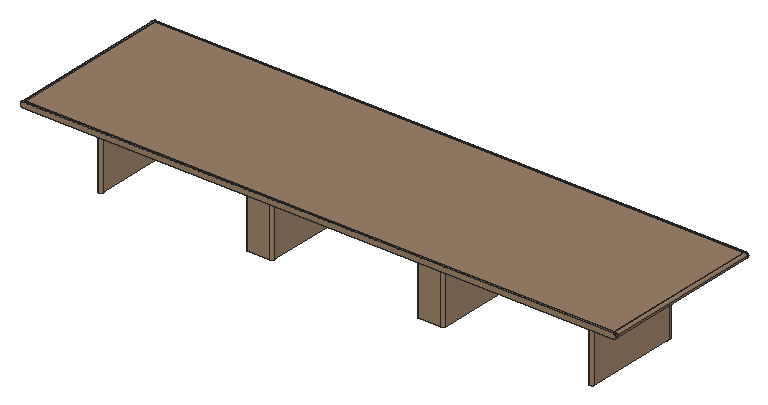
Revit family "Table-Teknion-CFTBFG_Figure_Table_Rectangular_Gable_Leg_Bullnose_Flat_Edge-R2023", category Furniture, Revit 2023 (continued)
Automatic sketch dimensions
  curve 446 to curve 447 = 0.000"
  curve 418 to curve 294 = 0.000"
  curve 412 to curve 418 = 0.000"
  curve 414 to curve 292 = 0.000"
  curve 414 to curve 415 = 0.000"
  curve 417 to curve 418 = 0.000"
  curve 415 to curve 416 = 0.000"
  curve 409 to curve 292 = 0.000"
  curve 300 to curve 443 = 0.14636"
  curve 409 to curve 433 = 0.26447"
  curve 308 to curve 308 = 0.500"
  curve 313 to curve 312 = 0.500"
  curve 433 to curve 440 = 0.43074"
  curve 443 to curve 442 = 0.43074"
  curve 442 to curve 437 = 0.7792"
  curve 440 to curve 439 = 0.7792"
  curve 439 to curve 438 = 0.43074"
  curve 437 to curve 445 = 0.43074"
  plane 17 to curve 316 = 0.500"
  plane 17 to curve 306 = 0.500"
  curve 422 to plane 14 = 1.90516"
  curve 429 to plane 14 = 1.90516"
  curve 315 to curve 314 = 0.500"
  curve 310 to curve 310 = 0.500"
  curve 429 to curve 444 = 0.43074"
  curve 422 to curve 423 = 0.43074"
  curve 424 to plane 14 = 0.69521"
  curve 427 to plane 14 = 0.69521"
  curve 441 to plane 14 = 0.26447"
  curve 426 to plane 14 = 0.26447"
  curve 128 to plane 4 "Left" = 0.000"
  curve 130 to plane 4 "Left" = 0.000"
  curve 128 to plane 5 "Right" = 0.000"
  curve 130 to plane 5 "Right" = 0.000"
  curve 148 to curve 143 = 0.250"
  curve 347 to curve 354 = 0.750"
  curve 247 to curve 254 = 0.750"
  curve 254 to curve 249 = 0.250"
  curve 254 to curve 247 = 0.250"
  curve 354 to curve 350 = 0.250"
  curve 354 to curve 347 = 0.250"
  curve 249 to curve 282 = 0.354"  (x2)
  curve 347 to curve 384 = 0.354"  (x2)
  curve 349 to curve 383 = 0.354"  (x2)
  curve 247 to curve 285 = 0.354"  (x2)
  curve 258 to curve 275 = 0.500"
  curve 277 to curve 274 = 0.500"
  curve 377 to curve 379 = 0.500"
  curve 377 to curve 378 = 0.500"
  curve 374 to curve 367 = 0.500"
  curve 275 to curve 259 = 0.500"
  curve 274 to curve 276 = 0.500"
  curve 365 to curve 381 = 0.500"
  curve 389 to curve 355 = 0.604"
  curve 387 to curve 356 = 0.604"
  curve 286 to curve 256 = 0.604"
  curve 288 to curve 255 = 0.604"
  curve 346 to curve 356 = 0.250"
  curve 253 to curve 256 = 0.250"
  curve 251 to curve 255 = 0.250"
  curve 350 to curve 355 = 0.250"
  curve 251 to curve 288 = 0.35355"
  curve 249 to curve 283 = 0.35355"
  curve 286 to curve 253 = 0.35355"
  curve 284 to curve 247 = 0.35355"
  curve 351 to curve 388 = 0.35355"
  curve 349 to curve 383 = 0.35355"
  curve 384 to curve 347 = 0.35355"
  curve 387 to curve 353 = 0.35355"
  curve 184 to curve 184 = 0.000"
  curve 143 to curve 183 = 0.354"
  curve 182 to curve 182 = 0.000"
  curve 141 to curve 184 = 0.354"
  curve 384 to curve 384 = 0.000"
  curve 382 to curve 383 = 0.000"
  curve 285 to curve 284 = 0.000"
  curve 282 to curve 283 = 0.000"
  curve 269 to curve 261 = 0.35425"
  curve 273 to curve 264 = 0.35425"
  curve 373 to curve 364 = 0.35425"
  curve 369 to curve 361 = 0.35425"
  curve 11 to curve 21 = 0.000"
  curve 19 to curve 77 = 0.000"
  curve 26 to curve 8 = 0.000"
  curve 82 to curve 16 = 0.000"
  curve 54 to curve 12 = 0.000"
  curve 15 to curve 49 = 0.000"
  curve 18 to curve 98 = 0.29867"
  curve 14 to curve 70 = 0.29867"
  curve 17 to curve 86 = 0.29867"
  curve 9 to curve 30 = 0.29867"
  curve 13 to curve 58 = 0.29867"
  curve 10 to curve 45 = 0.29867"
  curve 72 to curve 14 = 0.29867"
  curve 84 to curve 17 = 0.29867"
  curve 100 to curve 18 = 0.29867"
  curve 47 to curve 10 = 0.29867"
  curve 28 to curve 9 = 0.29867"
  curve 56 to curve 13 = 0.29867"
  curve 11 to curve 22 = 0.000"
  curve 19 to curve 78 = 0.000"
  curve 53 to curve 12 = 0.000"
  curve 25 to curve 8 = 0.000"
  curve 15 to curve 50 = 0.000"
  curve 81 to curve 16 = 0.000"
  curve 360 to curve 370 = 0.35425"
  curve 260 to curve 270 = 0.35425"
  curve 265 to curve 272 = 0.35425"
  curve 365 to curve 372 = 0.35425"
  curve 188 to curve 188 = 0.000"
  curve 389 to curve 351 = 0.354"
  curve 388 to curve 388 = 0.000"
  curve 187 to curve 147 = 0.354"
  curve 187 to curve 186 = 0.000"
  curve 188 to curve 145 = 0.354"
  curve 387 to curve 353 = 0.354"
  curve 387 to curve 386 = 0.000"
  curve 286 to curve 253 = 0.354"
  curve 286 to curve 286 = 0.000"
  curve 288 to curve 288 = 0.000"
  curve 288 to curve 251 = 0.354"
  curve 28 to curve 9 = 0.11171"
  curve 10 to curve 47 = 0.11171"
  curve 289 to curve 251 = 0.14645"
  curve 282 to curve 249 = 0.14645"
  curve 286 to curve 286 = 0.500"
  curve 285 to curve 284 = 0.500"
  curve 174 to curve 163 = 0.000"
  curve 175 to curve 157 = 0.000"
  curve 176 to curve 158 = 0.000"
  curve 175 to curve 176 = 0.000"
  curve 174 to curve 179 = 0.000"
  curve 383 to curve 349 = 0.14645"
  curve 389 to curve 351 = 0.14645"
  curve 385 to curve 384 = 0.500"
  curve 387 to curve 386 = 0.500"
Nested families (in)
  nested 1: "Hexa Panel" at (0, 0, 0), Panel Width <- "Panel Width", visible <- "Hexa Panel 1", Base Finish <- "Base Finish", Glide Finish <- "Glide Finish", type "Hexa Panel"
    with To render please download texture images found here "https://assets.teknion.com/web/5e81352c1dfdb467/revit-material-swatches/", Panel Width 36.000", How To Use Teknion Materials User Guide "https://assets.teknion.com/m/205dd0a49fa58060/original/How-to-add-a-Material-Library-and-Texture-Images-to-your-Revit-project.pdf", Glide Finish Paint - Teknion - Foundation - Sand, For Additional Finishes please visit "https://assets.teknion.com/m/44a8009b046e5d47/original/Teknion_Materials_Library.zip", Base Finish Veneer-Teknion-LX-Natural_Veneer_V3-Sierra_Flat_Cut
  nested 2: "12 Inch Standard Recessed Access Door" at (-1284, 150, -0.06), Finish <- "Power Cover Finish", visible <- "Power - 2 & 3", type "12 Inch Compact Recessed Access Door"
    with To render please download texture images found here "https://assets.teknion.com/web/5e81352c1dfdb467/revit-material-swatches/", How To Use Teknion Materials User Guide "https://assets.teknion.com/m/205dd0a49fa58060/original/How-to-add-a-Material-Library-and-Texture-Images-to-your-Revit-project.pdf", For Additional Finishes please visit "https://assets.teknion.com/m/44a8009b046e5d47/original/Teknion_Materials_Library.zip", Finish Paint - Teknion - Foundation - Sand
  nested 3: "12 Inch Standard Recessed Access Door" at (-1416, 150, -0.06), Finish <- "Power Cover Finish", visible <- "Power - 2 & 3", type "12 Inch Compact Recessed Access Door"
    with To render please download texture images found here "https://assets.teknion.com/web/5e81352c1dfdb467/revit-material-swatches/", How To Use Teknion Materials User Guide "https://assets.teknion.com/m/205dd0a49fa58060/original/How-to-add-a-Material-Library-and-Texture-Images-to-your-Revit-project.pdf", For Additional Finishes please visit "https://assets.teknion.com/m/44a8009b046e5d47/original/Teknion_Materials_Library.zip", Finish Paint - Teknion - Foundation - Sand
  nested 4: "12 Inch Standard Recessed Access Door" at (-1350, 150, -0.06), Finish <- "Power Cover Finish", visible <- "Power - 1 & 3", type "12 Inch Compact Recessed Access Door"
    with To render please download texture images found here "https://assets.teknion.com/web/5e81352c1dfdb467/revit-material-swatches/", How To Use Teknion Materials User Guide "https://assets.teknion.com/m/205dd0a49fa58060/original/How-to-add-a-Material-Library-and-Texture-Images-to-your-Revit-project.pdf", For Additional Finishes please visit "https://assets.teknion.com/m/44a8009b046e5d47/original/Teknion_Materials_Library.zip", Finish Paint - Teknion - Foundation - Sand
  nested 5: "Softened Panel" at (0, 0, 0), Panel Width <- "Panel Width", visible <- "Softened Panel 1", Base Finish <- "Base Finish", Glide Finish <- "Glide Finish", type "Softened Panel"
    with To render please download texture images found here "https://assets.teknion.com/web/5e81352c1dfdb467/revit-material-swatches/", Panel Width 36.000", How To Use Teknion Materials User Guide "https://assets.teknion.com/m/205dd0a49fa58060/original/How-to-add-a-Material-Library-and-Texture-Images-to-your-Revit-project.pdf", Glide Finish Paint - Teknion - Foundation - Sand, For Additional Finishes please visit "https://assets.teknion.com/m/44a8009b046e5d47/original/Teknion_Materials_Library.zip", Cut 3 0.300", Cut 2 0.300", Cut 1 15.000", Base Finish Veneer-Teknion-LX-Natural_Veneer_V3-Sierra_Flat_Cut, 2D - 36W yes, 2D - 30W no
  nested 6: "Teknion_2D_Node_Family-R2016" at (0, 0, 0), type "Teknion_2D_Node_Family-R2016"
  nested 7: "Gable Leg" at (89, 0, 0), Depth <- "Depth", Base Finish <- "Base Finish", Glide Finish <- "Glide Finish", type "Gable Leg"
    with To render please download texture images found here "https://assets.teknion.com/web/5e81352c1dfdb467/revit-material-swatches/", How To Use Teknion Materials User Guide "https://assets.teknion.com/m/205dd0a49fa58060/original/How-to-add-a-Material-Library-and-Texture-Images-to-your-Revit-project.pdf", Glide Finish Paint - Teknion - Foundation - Sand, Gable Leg - Depth 36.000", For Additional Finishes please visit "https://assets.teknion.com/m/44a8009b046e5d47/original/Teknion_Materials_Library.zip", Depth 60.000", Base Finish Veneer-Teknion-LX-Natural_Veneer_V3-Sierra_Flat_Cut
  nested 8: "Gable Leg" at (-89, 0, 0), Depth <- "Depth", Base Finish <- "Base Finish", Glide Finish <- "Glide Finish", type "Gable Leg"
    with To render please download texture images found here "https://assets.teknion.com/web/5e81352c1dfdb467/revit-material-swatches/", How To Use Teknion Materials User Guide "https://assets.teknion.com/m/205dd0a49fa58060/original/How-to-add-a-Material-Library-and-Texture-Images-to-your-Revit-project.pdf", Glide Finish Paint - Teknion - Foundation - Sand, Gable Leg - Depth 36.000", For Additional Finishes please visit "https://assets.teknion.com/m/44a8009b046e5d47/original/Teknion_Materials_Library.zip", Depth 60.000", Base Finish Veneer-Teknion-LX-Natural_Veneer_V3-Sierra_Flat_Cut
  nested 9: "Softened Panel" at (-31, 0, 0), Panel Width <- "Panel Width", visible <- "Softened Panel 2", Base Finish <- "Base Finish", Glide Finish <- "Glide Finish", type "Softened Panel"
    with To render please download texture images found here "https://assets.teknion.com/web/5e81352c1dfdb467/revit-material-swatches/", Panel Width 36.000", How To Use Teknion Materials User Guide "https://assets.teknion.com/m/205dd0a49fa58060/original/How-to-add-a-Material-Library-and-Texture-Images-to-your-Revit-project.pdf", Glide Finish Paint - Teknion - Foundation - Sand, For Additional Finishes please visit "https://assets.teknion.com/m/44a8009b046e5d47/original/Teknion_Materials_Library.zip", Cut 3 0.300", Cut 2 0.300", Cut 1 15.000", Base Finish Veneer-Teknion-LX-Natural_Veneer_V3-Sierra_Flat_Cut, 2D - 36W yes, 2D - 30W no
  nested 10: "Hexa Panel" at (31, 0, 0), Panel Width <- "Panel Width", Base Finish <- "Base Finish", Glide Finish <- "Glide Finish", visible <- "Hexa Panel 2", type "Hexa Panel"
    with To render please download texture images found here "https://assets.teknion.com/web/5e81352c1dfdb467/revit-material-swatches/", Panel Width 36.000", How To Use Teknion Materials User Guide "https://assets.teknion.com/m/205dd0a49fa58060/original/How-to-add-a-Material-Library-and-Texture-Images-to-your-Revit-project.pdf", Glide Finish Paint - Teknion - Foundation - Sand, For Additional Finishes please visit "https://assets.teknion.com/m/44a8009b046e5d47/original/Teknion_Materials_Library.zip", Base Finish Veneer-Teknion-LX-Natural_Veneer_V3-Sierra_Flat_Cut
  nested 11: "Hexa Panel" at (-31, 0, 0), Panel Width <- "Panel Width", Base Finish <- "Base Finish", Glide Finish <- "Glide Finish", visible <- "Hexa Panel 2", type "Hexa Panel"
    with To render please download texture images found here "https://assets.teknion.com/web/5e81352c1dfdb467/revit-material-swatches/", Panel Width 36.000", How To Use Teknion Materials User Guide "https://assets.teknion.com/m/205dd0a49fa58060/original/How-to-add-a-Material-Library-and-Texture-Images-to-your-Revit-project.pdf", Glide Finish Paint - Teknion - Foundation - Sand, For Additional Finishes please visit "https://assets.teknion.com/m/44a8009b046e5d47/original/Teknion_Materials_Library.zip", Base Finish Veneer-Teknion-LX-Natural_Veneer_V3-Sierra_Flat_Cut
  nested 12: "Softened Panel" at (31, 0, 0), Panel Width <- "Panel Width", visible <- "Softened Panel 2", Base Finish <- "Base Finish", Glide Finish <- "Glide Finish", type "Softened Panel"
    with To render please download texture images found here "https://assets.teknion.com/web/5e81352c1dfdb467/revit-material-swatches/", Panel Width 36.000", How To Use Teknion Materials User Guide "https://assets.teknion.com/m/205dd0a49fa58060/original/How-to-add-a-Material-Library-and-Texture-Images-to-your-Revit-project.pdf", Glide Finish Paint - Teknion - Foundation - Sand, For Additional Finishes please visit "https://assets.teknion.com/m/44a8009b046e5d47/original/Teknion_Materials_Library.zip", Cut 3 0.300", Cut 2 0.300", Cut 1 15.000", Base Finish Veneer-Teknion-LX-Natural_Veneer_V3-Sierra_Flat_Cut, 2D - 36W yes, 2D - 30W no
Definition of nested family "Hexa Panel"
  Parameters (values of type "Hexa Panel")
    Warranty = "http://www.teknion.com/ca/papers/legal-canada"
    Unit Weight URL = "http://www.teknion.com/ca/tools/assets#&asset=bee6a381-b954-425e-8283-5a2de3a804f2,f828d448-4b62-4231-9e5f-9a8991c0ed77"
    URL = "www.teknion.com"
    To render please download texture images found here [instance] = "https://assets.teknion.com/web/5e81352c1dfdb467/revit-material-swatches/"
    Sustainability Data = "https://www.teknion.com/ca/tools/assets#&topic=216f99a5-57a0-44fc-b10a-9dee9b29ae4c&asset=444deb64-fe58-4b68-981e-f75e97781df7,b4ff2d81-9f2e-437d-9659-7cffb09c31cf"
    Series = ""
    Product Page URL = ""
    Product Line = ""
    Product Documentation Link = ""
    Part Number = ""
    Panel Width [instance] = 36.000"
    Model = ""
    Manufacturer Phone = "416-661-3370"  # constant formula
    Manufacturer Fax = "416.661.4586"  # constant formula
    Manufacturer Contact Information = "http://www.teknion.com/ca/contactus"
    Manufacturer Address = "1150 Flint Road, Toronto, ON. M3J 2J5. Canada"  # constant formula
    Manufacturer = "Teknion"  # constant formula
    How To Use Teknion Materials User Guide [instance] = "https://assets.teknion.com/m/205dd0a49fa58060/original/How-to-add-a-Material-Library-and-Texture-Images-to-your-Revit-project.pdf"
    Glide Finish [instance] = none
    For Additional Finishes please visit [instance] = "https://assets.teknion.com/m/44a8009b046e5d47/original/Teknion_Materials_Library.zip"
    Description = "Hexa Panel"
    Default Elevation = 0.000"
    Base Finish [instance] = none
    Assembly Code = "E2020200"
  Reference planes (in)
    plane 1 "Center Front/Back": y = 0
    plane 2: z = 0
    plane 3 "Center Left/Right": x = 0
    plane 4 "Left": x = -5
    plane 5 "Right": x = 5
    plane 6 "Back": y = 18
    plane 7 "Front": y = -18
    plane 8 "Top": z = 26.75
    plane 9 "1": y = -15.5
    plane 10 "2": y = -7.06461
    plane 11 "4": y = 15.5
    plane 12 "3": y = 7.06461
    plane 13: z = 0.5
  Forms (in)
    Sweep 1, solid, material <- "Base Finish"
      path origin (0, 0, 0) x (1, 0, 0) y (0, 0, 1)
        loop
          line (0, 26.75) -> (0, 0.5)
      profile origin (0, 0, 13.625) x (0, -1, 0) y (1, 0, 0)
        loop
          line (-7.27625, 5) -> (-17.37404, 0.92741)
          arc (-17.37404, 0.92741) -> (-17.82887, 0.55945) -> (-18, 0) r 1
          arc (-18, 0) -> (-17.82887, -0.55945) -> (-17.37404, -0.92741) r 1
          line (-17.37404, -0.92741) -> (-7.27625, -5) -> (7.27625, -5) -> (17.37404, -0.92741)
          arc (17.37404, -0.92741) -> (17.82887, -0.55945) -> (18, 0) r 1
          arc (18, 0) -> (17.82887, 0.55945) -> (17.37404, 0.92741) r 1
          line (17.37404, 0.92741) -> (7.27625, 5) -> (-7.27625, 5)
    Sweep 2, void
      path origin (0, 0, 0) x (1, 0, 0) y (0, 0, 1)
        loop
          line (0, 26) -> (0, 1.25)
      profile origin (0, 0, 13.625) x (0, -1, 0) y (1, 0, 0)
        loop
          line (-7.25333, -4.88189) -> (7.25333, -4.88189) -> (17.13189, -0.89772) -> (17.13189, 0.89772) -> (7.25333, 4.88189) -> (-7.25333, 4.88189) -> (-17.13189, 0.89772) -> (-17.13189, -0.89772) -> (-7.25333, -4.88189)
    Sweep 3, void
      path origin (0, 0, 0) x (1, 0, 0) y (0, 0, 1)
        loop
          line (0, 28.75) -> (0, -2.25)
      profile origin (0, 0, 13.25) x (0, -1, 0) y (1, 0, 0)
        loop
          line (6.8652, -2.88189) -> (11.71124, -0.92741)
          arc (11.71124, -0.92741) -> (12.16607, -0.55945) -> (12.3372, 0) r 1
          arc (12.3372, 0) -> (12.16607, 0.55945) -> (11.71124, 0.92741) r 1
          line (11.71124, 0.92741) -> (6.8652, 2.88189) -> (-6.8652, 2.88189) -> (-11.71124, 0.92741)
          arc (-11.71124, 0.92741) -> (-12.16607, 0.55945) -> (-12.3372, 0) r 1
          arc (-12.3372, 0) -> (-12.16607, -0.55945) -> (-11.71124, -0.92741) r 1
          line (-11.71124, -0.92741) -> (-6.8652, -2.88189) -> (6.8652, -2.88189)
    Revolve 4, solid, material <- "Glide Finish"
      sketch origin (0, -15.5, 0) x (-1, 0, 0) y (0, 0, 1)
        loop
          line (0, 0.25) -> (0, 0) -> (0.5, 0) -> (0.5, 0.25) -> (0, 0.25)
        axis (0, 0.25) -> (0, 0)
      angle from 0 to 360
    Revolve 5, solid, material <- "Glide Finish"
      sketch origin (0, -7.06461, 0) x (-1, 0, 0) y (0, 0, 1)
        loop
          line (3.90943, 0.25) -> (3.90943, 0) -> (4.40943, 0) -> (4.40943, 0.25) -> (3.90943, 0.25)
        axis (3.90943, 0.25) -> (3.90943, 0)
      angle from 0 to 360
    Revolve 6, solid, material <- "Glide Finish"
      sketch origin (7.81887, -7.06461, 0) x (-1, 0, 0) y (0, 0, 1)
        loop
          line (3.90943, 0.25) -> (3.90943, 0) -> (4.40943, 0) -> (4.40943, 0.25) -> (3.90943, 0.25)
        axis (3.90943, 0.25) -> (3.90943, 0)
      angle from 0 to 360
    Revolve 7, solid, material <- "Glide Finish"
      sketch origin (0, 7.06461, 0) x (-1, 0, 0) y (0, 0, 1)
        loop
          line (3.90943, 0.25) -> (3.90943, 0) -> (4.40943, 0) -> (4.40943, 0.25) -> (3.90943, 0.25)
        axis (3.90943, 0.25) -> (3.90943, 0)
      angle from 0 to 360
    Revolve 8, solid, material <- "Glide Finish"
      sketch origin (0, 7.06461, 0) x (-1, 0, 0) y (0, 0, 1)
        loop
          line (-3.90943, 0.25) -> (-3.90943, 0) -> (-3.40943, 0) -> (-3.40943, 0.25) -> (-3.90943, 0.25)
        axis (-3.90943, 0.25) -> (-3.90943, 0)
      angle from 0 to 360
    Revolve 9, solid, material <- "Glide Finish"
      sketch origin (0, 15.5, 0) x (-1, 0, 0) y (0, 0, 1)
        loop
          line (0, 0.25) -> (0, 0) -> (0.5, 0) -> (0.5, 0.25) -> (0, 0.25)
        axis (0, 0.25) -> (0, 0)
      angle from 0 to 360
    Sweep 10, solid, material <- "Glide Finish"
      path origin (0, 0, 0) x (1, 0, 0) y (0, 0, 1)
        loop
          line (0, 0.5) -> (0, 0.25)
      profile origin (0, 0, 0.375) x (0, -1, 0) y (1, 0, 0)
        loop
          line (15.1875, -0.18042) -> (15.5, -0.36084) -> (15.8125, -0.18042) -> (15.8125, 0.18042) -> (15.5, 0.36084) -> (15.1875, 0.18042) -> (15.1875, -0.18042)
        loop
          line (6.75211, -4.08986) -> (7.06461, -4.27028) -> (7.37711, -4.08986) -> (7.37711, -3.72901) -> (7.06461, -3.54859) -> (6.75211, -3.72901) -> (6.75211, -4.08986)
        loop
          line (6.75211, 3.72901) -> (7.06461, 3.54859) -> (7.37711, 3.72901) -> (7.37711, 4.08986) -> (7.06461, 4.27028) -> (6.75211, 4.08986) -> (6.75211, 3.72901)
        loop
          line (-7.37711, 3.72901) -> (-7.06461, 3.54859) -> (-6.75211, 3.72901) -> (-6.75211, 4.08986) -> (-7.06461, 4.27028) -> (-7.37711, 4.08986) -> (-7.37711, 3.72901)
        loop
          line (-7.37711, -4.08986) -> (-7.06461, -4.27028) -> (-6.75211, -4.08986) -> (-6.75211, -3.72901) -> (-7.06461, -3.54859) -> (-7.37711, -3.72901) -> (-7.37711, -4.08986)
        loop
          line (-15.8125, -0.18042) -> (-15.5, -0.36084) -> (-15.1875, -0.18042) -> (-15.1875, 0.18042) -> (-15.5, 0.36084) -> (-15.8125, 0.18042) -> (-15.8125, -0.18042)
  Cuts and joins
    Sweep 2, Sweep 3 cuts Sweep 1
    joined: Revolve 4, Revolve 5, Revolve 6, Revolve 7, Revolve 8, Revolve 9, Sweep 10
  Lines and regions (in)
    symbolic lines, detail levels medium+fine
      curve 1: line (5, 7.27625, 0) -> (0.67495, 18, 0)
      curve 2: line (-0.67495, 18, 0) -> (-5, 7.27625, 0)
      curve 3: arc (0, 18, 0) -> (-0.55945, 17.82887, 0) -> (-0.92741, 17.37404, 0) r 1
      curve 4: arc (0.92741, 17.37404, 0) -> (0.55945, 17.82887, 0) -> (0, 18, 0) r 1
      curve 5: line (5, -7.27625, 0) -> (5, 7.27625, 0)
      curve 6: line (-5, 7.27625, 0) -> (-5, -7.27625, 0)
      curve 7: line (-5, -7.27625, 0) -> (-0.67495, -18, 0)
      curve 8: line (0.67495, -18, 0) -> (5, -7.27625, 0)
      curve 9: arc (0, -18, 0) -> (0.55945, -17.82887, 0) -> (0.92741, -17.37404, 0) r 1
      curve 10: arc (-0.92741, -17.37404, 0) -> (-0.55945, -17.82887, 0) -> (0, -18, 0) r 1
      curve 11: line (-0.89772, -17.13189, 0) -> (0.89772, -17.13189, 0)
      curve 12: line (-4.88189, -7.25333, 0) -> (-0.89772, -17.13189, 0)
      curve 13: line (0.89772, -17.13189, 0) -> (4.88189, -7.25333, 0)
      curve 14: line (-4.88189, 7.25333, 0) -> (-4.88189, -7.25333, 0)
      curve 15: line (4.88189, -7.25333, 0) -> (4.88189, 7.25333, 0)
      curve 16: line (0.89772, 17.13189, 0) -> (-0.89772, 17.13189, 0)
      curve 17: line (-0.89772, 17.13189, 0) -> (-4.88189, 7.25333, 0)
      curve 18: line (4.88189, 7.25333, 0) -> (0.89772, 17.13189, 0)
      curve 19: line (2.88189, -6.8652, 0) -> (2.88189, 6.8652, 0)
      curve 20: line (0.92741, -11.71124, 0) -> (2.88189, -6.8652, 0)
      curve 21: line (-2.88189, -6.8652, 0) -> (-0.92741, -11.71124, 0)
      curve 22: line (-2.88189, 6.8652, 0) -> (-2.88189, -6.8652, 0)
      curve 23: line (-0.92741, 11.71124, 0) -> (-2.88189, 6.8652, 0)
      curve 24: line (2.88189, 6.8652, 0) -> (0.92741, 11.71124, 0)
      curve 25: arc (0.92741, 11.71124, 0) -> (0.55945, 12.16607, 0) -> (0, 12.3372, 0) r 1
      curve 26: arc (0, 12.3372, 0) -> (-0.55945, 12.16607, 0) -> (-0.92741, 11.71124, 0) r 1
      curve 27: arc (0, -12.3372, 0) -> (0.55945, -12.16607, 0) -> (0.92741, -11.71124, 0) r 1
      curve 28: arc (-0.92741, -11.71124, 0) -> (-0.55945, -12.16607, 0) -> (0, -12.3372, 0) r 1
    symbolic lines, detail levels fine
      curve 29: line (0.18042, -15.1875, 0) -> (-0.18042, -15.1875, 0)
      curve 30: line (-0.18042, -15.1875, 0) -> (-0.36084, -15.5, 0)
      curve 31: line (-0.36084, -15.5, 0) -> (-0.18042, -15.8125, 0)
      curve 32: line (-0.18042, -15.8125, 0) -> (0.18042, -15.8125, 0)
      curve 33: line (0.18042, -15.8125, 0) -> (0.36084, -15.5, 0)
      curve 34: line (0.36084, -15.5, 0) -> (0.18042, -15.1875, 0)
      curve 35: line (-3.54859, -7.06461, 0) -> (-3.72901, -6.75211, 0)
      curve 36: line (-3.72901, -6.75211, 0) -> (-4.08986, -6.75211, 0)
      curve 37: line (-4.08986, -6.75211, 0) -> (-4.27028, -7.06461, 0)
      curve 38: line (-4.27028, -7.06461, 0) -> (-4.08986, -7.37711, 0)
      curve 39: line (-4.08986, -7.37711, 0) -> (-3.72901, -7.37711, 0)
      curve 40: line (-3.72901, -7.37711, 0) -> (-3.54859, -7.06461, 0)
      curve 41: line (4.08986, -6.75211, 0) -> (3.72901, -6.75211, 0)
      curve 42: line (3.72901, -6.75211, 0) -> (3.54859, -7.06461, 0)
      curve 43: line (3.54859, -7.06461, 0) -> (3.72901, -7.37711, 0)
      curve 44: line (3.72901, -7.37711, 0) -> (4.08986, -7.37711, 0)
      curve 45: line (4.08986, -7.37711, 0) -> (4.27028, -7.06461, 0)
      curve 46: line (4.27028, -7.06461, 0) -> (4.08986, -6.75211, 0)
      curve 47: line (4.08986, 7.37711, 0) -> (3.72901, 7.37711, 0)
      curve 48: line (3.72901, 7.37711, 0) -> (3.54859, 7.06461, 0)
      curve 49: line (3.54859, 7.06461, 0) -> (3.72901, 6.75211, 0)
      curve 50: line (3.72901, 6.75211, 0) -> (4.08986, 6.75211, 0)
      curve 51: line (4.08986, 6.75211, 0) -> (4.27028, 7.06461, 0)
      curve 52: line (4.27028, 7.06461, 0) -> (4.08986, 7.37711, 0)
      curve 53: line (-3.72901, 7.37711, 0) -> (-4.08986, 7.37711, 0)
      curve 54: line (-4.08986, 7.37711, 0) -> (-4.27028, 7.06461, 0)
      curve 55: line (-4.27028, 7.06461, 0) -> (-4.08986, 6.75211, 0)
      curve 56: line (-4.08986, 6.75211, 0) -> (-3.72901, 6.75211, 0)
      curve 57: line (-3.72901, 6.75211, 0) -> (-3.54859, 7.06461, 0)
      curve 58: line (-3.54859, 7.06461, 0) -> (-3.72901, 7.37711, 0)
      curve 59: line (0.36084, 15.5, 0) -> (0.18042, 15.8125, 0)
      curve 60: line (0.18042, 15.8125, 0) -> (-0.18042, 15.8125, 0)
      curve 61: line (-0.18042, 15.8125, 0) -> (-0.36084, 15.5, 0)
      curve 62: line (-0.36084, 15.5, 0) -> (-0.18042, 15.1875, 0)
      curve 63: line (-0.18042, 15.1875, 0) -> (0.18042, 15.1875, 0)
      curve 64: line (0.18042, 15.1875, 0) -> (0.36084, 15.5, 0)
      curve 65: arc (-0.5, 15.5, 0) -> (0, 16, 0) -> (0.5, 15.5, 0) r 0.5
      curve 66: arc (0.5, 15.5, 0) -> (0, 15, 0) -> (-0.5, 15.5, 0) r 0.5
      curve 67: arc (3.40943, 7.06461, 0) -> (3.90943, 7.56461, 0) -> (4.40943, 7.06461, 0) r 0.5
      curve 68: arc (4.40943, 7.06461, 0) -> (3.90943, 6.56461, 0) -> (3.40943, 7.06461, 0) r 0.5
      curve 69: arc (-4.40943, 7.06461, 0) -> (-3.90943, 7.56461, 0) -> (-3.40943, 7.06461, 0) r 0.5
      curve 70: arc (-3.40943, 7.06461, 0) -> (-3.90943, 6.56461, 0) -> (-4.40943, 7.06461, 0) r 0.5
      curve 71: arc (-3.40943, -7.06461, 0) -> (-3.90943, -6.56461, 0) -> (-4.40943, -7.06461, 0) r 0.5
      curve 72: arc (-4.40943, -7.06461, 0) -> (-3.90943, -7.56461, 0) -> (-3.40943, -7.06461, 0) r 0.5
      curve 73: arc (4.40943, -7.06461, 0) -> (3.90943, -6.56461, 0) -> (3.40943, -7.06461, 0) r 0.5
      curve 74: arc (3.40943, -7.06461, 0) -> (3.90943, -7.56461, 0) -> (4.40943, -7.06461, 0) r 0.5
      curve 75: arc (0.5, -15.5, 0) -> (0, -15, 0) -> (-0.5, -15.5, 0) r 0.5
      curve 76: arc (-0.5, -15.5, 0) -> (0, -16, 0) -> (0.5, -15.5, 0) r 0.5
      curve 78: line (-0.67495, -18, 0) -> (0.67495, -18, 0)
    model lines, detail levels medium+fine
      curve 77: line (-0.67495, 18, 0) -> (0.67495, 18, 0)
  Dimensions and locks (in)
    plane 4 "Left" to plane 5 "Right" = 10.000"
    "Panel Width": plane 6 "Back" to plane 7 "Front"
    locked: plane 8 "Top" to level at 26.75
    equal spacing: plane 6 "Back", plane 1 "Center Front/Back", plane 7 "Front"
    equal spacing: plane 4 "Left", plane 3 "Center Left/Right", plane 5 "Right"
    plane 6 "Back" to plane 11 "4" to plane 12 "3" = 2.500" locked, 8.43539" locked
    plane 7 "Front" to plane 9 "1" to plane 10 "2" = 2.500" locked, 8.43539" locked
    locked: plane 13 to plane 2 at 0.5
    plane 7 "Front" to Sweep 1 sketch curve to Sweep 1 sketch curve to Sweep 1 sketch curve to Sweep 1 sketch curve to Sweep 1 sketch curve = 0.62596" locked, 0.000" locked, 0.37404" locked, 9.72375" locked, 0.000" locked
    plane 6 "Back" to Sweep 1 sketch curve to Sweep 1 sketch curve to Sweep 1 sketch curve to Sweep 1 sketch curve to Sweep 1 sketch curve = 0.62596" locked, 0.000" locked, 0.37404" locked, 9.72375" locked, 0.000" locked
    locked: Sweep 2 sketch curve to plane 13 at 0.75
    locked: plane 8 "Top" to Sweep 2 sketch curve at 0.75
    plane 4 "Left" to Sweep 2 sketch curve to Sweep 2 sketch curve to Sweep 2 sketch curve = 0.11811" locked, 3.98417" locked, 0.000" locked
    Sweep 2 sketch curve to Sweep 2 sketch curve to Sweep 2 sketch curve to plane 5 "Right" = 0.000" locked, 3.98417" locked, 0.11811" locked
    plane 6 "Back" to Sweep 2 sketch curve to Sweep 2 sketch curve to Sweep 2 sketch curve = 0.86811" locked, 9.87856" locked, 0.000" locked
    plane 7 "Front" to Sweep 2 sketch curve to Sweep 2 sketch curve to Sweep 2 sketch curve = 0.86811" locked, 9.87856" locked, 0.000" locked
    locked: Sweep 3 sketch curve to plane 8 "Top" at 2
    locked: plane 2 to Sweep 3 sketch curve at 2.25
    plane 7 "Front" to Sweep 3 sketch curve to Sweep 3 sketch curve to Sweep 3 sketch curve to Sweep 3 sketch curve to Sweep 3 sketch curve = 6.28876" locked, 0.000" locked, 0.37404" locked, 4.47199" locked, 0.000" locked
    plane 4 "Left" to Sweep 3 sketch curve to Sweep 3 sketch curve = 2.11811" locked, 1.95448" locked
    Sweep 3 sketch curve to Sweep 3 sketch curve to plane 5 "Right" = 1.95448" locked, 2.11811" locked
    locked: plane 4 "Left" to Sweep 3 sketch curve at 4.07259
    locked: Sweep 3 sketch curve to plane 5 "Right" at 4.07259
    plane 6 "Back" to Sweep 3 sketch curve to Sweep 3 sketch curve to Sweep 3 sketch curve to Sweep 3 sketch curve to Sweep 3 sketch curve = 6.28876" locked, 0.000" locked, 0.37404" locked, 4.47199" locked, 0.000" locked
    locked: plane 4 "Left" to Sweep 1 sketch curve at 4.07259  (x2)
    locked: Sweep 1 sketch curve to plane 5 "Right" at 4.07259  (x2)
    locked: Revolve 4 sketch curve to plane 2 at 0.25
    locked: plane 3 "Center Left/Right" to Revolve 4 sketch curve at 0.5
    locked: Revolve 5 sketch curve to plane 2 at 0.25
    Revolve 5 sketch curve to Revolve 5 sketch curve to plane 4 "Left" = 0.500" locked, 0.59057" locked
    locked: plane 4 "Left" to Revolve 5 sketch curve at 1.09057
    locked: Revolve 6 sketch curve to plane 2 at 0.25
    Revolve 6 sketch curve to Revolve 6 sketch curve to plane 5 "Right" = 0.500" locked, 1.09057" locked
    locked: Revolve 6 sketch curve to plane 5 "Right" at 1.09057
    Revolve 7 sketch curve to Revolve 7 sketch curve to plane 4 "Left" = 0.500" locked, 0.59057" locked
    locked: Revolve 7 sketch curve to plane 2 at 0.25
    locked: plane 4 "Left" to Revolve 7 sketch curve at 1.09057
    locked: Revolve 9 sketch curve to plane 2 at 0.25
    locked: plane 3 "Center Left/Right" to Revolve 9 sketch curve at 0.5
    locked: Revolve 8 sketch curve to plane 2 at 0.25
    Revolve 8 sketch curve to Revolve 8 sketch curve to plane 5 "Right" = 0.500" locked, 1.09057" locked
    locked: Revolve 8 sketch curve to plane 5 "Right" at 1.09057
    locked: Sweep 10 sketch curve to plane 2 at 0.25
    Sweep 10 sketch curve to Sweep 10 sketch curve to Sweep 10 sketch curve to plane 3 "Center Left/Right" to Sweep 10 sketch curve to Sweep 10 sketch curve to Sweep 10 sketch curve = 0.18042" locked, 0.000" locked, 0.18042" locked, 0.18042" locked, 0.000" locked, 0.18042" locked  (x2)
    Sweep 10 sketch curve to plane 9 "1" to Sweep 10 sketch curve = 0.3125" locked, 0.3125" locked
    plane 4 "Left" to Sweep 10 sketch curve to Sweep 10 sketch curve to Sweep 10 sketch curve to Sweep 10 sketch curve to Sweep 10 sketch curve to Sweep 10 sketch curve = 0.72972" locked, 0.18042" locked, 0.000" locked, 0.36084" locked, 0.000" locked, 0.18042" locked  (x2)
    Sweep 10 sketch curve to Sweep 10 sketch curve to Sweep 10 sketch curve to Sweep 10 sketch curve to Sweep 10 sketch curve to Sweep 10 sketch curve to plane 5 "Right" = 0.18042" locked, 0.000" locked, 0.36084" locked, 0.000" locked, 0.18042" locked, 0.72972" locked  (x2)
    Sweep 10 sketch curve to plane 10 "2" to Sweep 10 sketch curve = 0.3125" locked, 0.3125" locked  (x2)
    Sweep 10 sketch curve to plane 12 "3" to Sweep 10 sketch curve = 0.3125" locked, 0.3125" locked  (x2)
    Sweep 10 sketch curve to plane 11 "4" to Sweep 10 sketch curve = 0.3125" locked, 0.3125" locked
    aligned and locked: level to plane 2
    aligned and locked: Sweep 1 sketch curve to plane 3 "Center Left/Right"
    aligned and locked: plane 8 "Top" to Sweep 1 sketch curve
    aligned and locked: plane 13 to Sweep 1 sketch curve
    aligned and locked: plane 6 "Back" to Sweep 1 sketch curve
    aligned and locked: plane 7 "Front" to Sweep 1 sketch curve
    aligned and locked: Sweep 2 sketch curve to plane 3 "Center Left/Right"
    aligned and locked: Sweep 3 sketch curve to plane 3 "Center Left/Right"
    aligned and locked: plane 2 to Revolve 4 sketch curve
    aligned and locked: Revolve 4 sketch curve to plane 3 "Center Left/Right"  (x2)
    aligned and locked: plane 2 to Revolve 5 sketch curve
    aligned and locked: plane 2 to Revolve 6 sketch curve
    aligned and locked: plane 2 to Revolve 7 sketch curve
    aligned and locked: plane 2 to Revolve 9 sketch curve
    aligned and locked: Revolve 9 sketch curve to plane 3 "Center Left/Right"  (x2)
    aligned and locked: plane 2 to Revolve 8 sketch curve
    aligned and locked: plane 13 to Sweep 10 sketch curve
    aligned and locked: Sweep 10 sketch curve to plane 3 "Center Left/Right"
    aligned and locked: plane 9 "1" to Sweep 10 sketch curve  (x2)
    aligned and locked: plane 10 "2" to Sweep 10 sketch curve  (x4)
    aligned and locked: plane 12 "3" to Sweep 10 sketch curve  (x4)
    aligned and locked: plane 11 "4" to Sweep 10 sketch curve  (x2)
    aligned and locked: curve 1 to cut or joined group of Sweep 1, Sweep 2, Sweep 3
    aligned and locked: curve 3 to cut or joined group of Sweep 1, Sweep 2, Sweep 3
    aligned and locked: curve 4 to cut or joined group of Sweep 1, Sweep 2, Sweep 3
    aligned and locked: curve 5 to cut or joined group of Sweep 1, Sweep 2, Sweep 3
    aligned and locked: curve 6 to cut or joined group of Sweep 1, Sweep 2, Sweep 3
    aligned and locked: curve 7 to cut or joined group of Sweep 1, Sweep 2, Sweep 3
    aligned and locked: curve 9 to cut or joined group of Sweep 1, Sweep 2, Sweep 3
    aligned and locked: curve 10 to cut or joined group of Sweep 1, Sweep 2, Sweep 3
    aligned and locked: curve 11 to cut or joined group of Sweep 1, Sweep 2, Sweep 3
    aligned and locked: curve 12 to cut or joined group of Sweep 1, Sweep 2, Sweep 3
    aligned and locked: curve 13 to cut or joined group of Sweep 1, Sweep 2, Sweep 3
    aligned and locked: curve 14 to cut or joined group of Sweep 1, Sweep 2, Sweep 3
    aligned and locked: curve 15 to cut or joined group of Sweep 1, Sweep 2, Sweep 3
    aligned and locked: curve 16 to cut or joined group of Sweep 1, Sweep 2, Sweep 3
    aligned and locked: curve 17 to cut or joined group of Sweep 1, Sweep 2, Sweep 3
    aligned and locked: curve 18 to cut or joined group of Sweep 1, Sweep 2, Sweep 3
    aligned and locked: curve 19 to cut or joined group of Sweep 1, Sweep 2, Sweep 3
    aligned and locked: curve 21 to cut or joined group of Sweep 1, Sweep 2, Sweep 3
    aligned and locked: curve 22 to cut or joined group of Sweep 1, Sweep 2, Sweep 3
    aligned and locked: curve 24 to cut or joined group of Sweep 1, Sweep 2, Sweep 3
    aligned and locked: curve 25 to cut or joined group of Sweep 1, Sweep 2, Sweep 3
    aligned and locked: curve 26 to cut or joined group of Sweep 1, Sweep 2, Sweep 3
    aligned and locked: curve 27 to cut or joined group of Sweep 1, Sweep 2, Sweep 3
    aligned and locked: curve 28 to cut or joined group of Sweep 1, Sweep 2, Sweep 3
    aligned and locked: curve 29 to cut or joined group of Revolve 4, Revolve 5, Revolve 6, Revolve 7, Revolve 8, Revolve 9, Sweep 10
    aligned and locked: curve 30 to cut or joined group of Revolve 4, Revolve 5, Revolve 6, Revolve 7, Revolve 8, Revolve 9, Sweep 10
    aligned and locked: curve 31 to cut or joined group of Revolve 4, Revolve 5, Revolve 6, Revolve 7, Revolve 8, Revolve 9, Sweep 10
    aligned and locked: curve 32 to cut or joined group of Revolve 4, Revolve 5, Revolve 6, Revolve 7, Revolve 8, Revolve 9, Sweep 10
    aligned and locked: curve 33 to cut or joined group of Revolve 4, Revolve 5, Revolve 6, Revolve 7, Revolve 8, Revolve 9, Sweep 10
    aligned and locked: curve 34 to cut or joined group of Revolve 4, Revolve 5, Revolve 6, Revolve 7, Revolve 8, Revolve 9, Sweep 10
    aligned and locked: curve 35 to cut or joined group of Revolve 4, Revolve 5, Revolve 6, Revolve 7, Revolve 8, Revolve 9, Sweep 10
    aligned and locked: curve 36 to cut or joined group of Revolve 4, Revolve 5, Revolve 6, Revolve 7, Revolve 8, Revolve 9, Sweep 10
    aligned and locked: curve 37 to cut or joined group of Revolve 4, Revolve 5, Revolve 6, Revolve 7, Revolve 8, Revolve 9, Sweep 10
    aligned and locked: curve 38 to cut or joined group of Revolve 4, Revolve 5, Revolve 6, Revolve 7, Revolve 8, Revolve 9, Sweep 10
    aligned and locked: curve 39 to cut or joined group of Revolve 4, Revolve 5, Revolve 6, Revolve 7, Revolve 8, Revolve 9, Sweep 10
    aligned and locked: curve 40 to cut or joined group of Revolve 4, Revolve 5, Revolve 6, Revolve 7, Revolve 8, Revolve 9, Sweep 10
    aligned and locked: curve 41 to cut or joined group of Revolve 4, Revolve 5, Revolve 6, Revolve 7, Revolve 8, Revolve 9, Sweep 10
    aligned and locked: curve 42 to cut or joined group of Revolve 4, Revolve 5, Revolve 6, Revolve 7, Revolve 8, Revolve 9, Sweep 10
    aligned and locked: curve 43 to cut or joined group of Revolve 4, Revolve 5, Revolve 6, Revolve 7, Revolve 8, Revolve 9, Sweep 10
    aligned and locked: curve 44 to cut or joined group of Revolve 4, Revolve 5, Revolve 6, Revolve 7, Revolve 8, Revolve 9, Sweep 10
    aligned and locked: curve 45 to cut or joined group of Revolve 4, Revolve 5, Revolve 6, Revolve 7, Revolve 8, Revolve 9, Sweep 10
    aligned and locked: curve 46 to cut or joined group of Revolve 4, Revolve 5, Revolve 6, Revolve 7, Revolve 8, Revolve 9, Sweep 10
    aligned and locked: curve 47 to cut or joined group of Revolve 4, Revolve 5, Revolve 6, Revolve 7, Revolve 8, Revolve 9, Sweep 10
    aligned and locked: curve 48 to cut or joined group of Revolve 4, Revolve 5, Revolve 6, Revolve 7, Revolve 8, Revolve 9, Sweep 10
    aligned and locked: curve 49 to cut or joined group of Revolve 4, Revolve 5, Revolve 6, Revolve 7, Revolve 8, Revolve 9, Sweep 10
    aligned and locked: curve 50 to cut or joined group of Revolve 4, Revolve 5, Revolve 6, Revolve 7, Revolve 8, Revolve 9, Sweep 10
    aligned and locked: curve 51 to cut or joined group of Revolve 4, Revolve 5, Revolve 6, Revolve 7, Revolve 8, Revolve 9, Sweep 10
    aligned and locked: curve 52 to cut or joined group of Revolve 4, Revolve 5, Revolve 6, Revolve 7, Revolve 8, Revolve 9, Sweep 10
    aligned and locked: curve 53 to cut or joined group of Revolve 4, Revolve 5, Revolve 6, Revolve 7, Revolve 8, Revolve 9, Sweep 10
    aligned and locked: curve 54 to cut or joined group of Revolve 4, Revolve 5, Revolve 6, Revolve 7, Revolve 8, Revolve 9, Sweep 10
    aligned and locked: curve 55 to cut or joined group of Revolve 4, Revolve 5, Revolve 6, Revolve 7, Revolve 8, Revolve 9, Sweep 10
    aligned and locked: curve 56 to cut or joined group of Revolve 4, Revolve 5, Revolve 6, Revolve 7, Revolve 8, Revolve 9, Sweep 10
    aligned and locked: curve 57 to cut or joined group of Revolve 4, Revolve 5, Revolve 6, Revolve 7, Revolve 8, Revolve 9, Sweep 10
    aligned and locked: curve 58 to cut or joined group of Revolve 4, Revolve 5, Revolve 6, Revolve 7, Revolve 8, Revolve 9, Sweep 10
    aligned and locked: curve 59 to cut or joined group of Revolve 4, Revolve 5, Revolve 6, Revolve 7, Revolve 8, Revolve 9, Sweep 10
    aligned and locked: curve 60 to cut or joined group of Revolve 4, Revolve 5, Revolve 6, Revolve 7, Revolve 8, Revolve 9, Sweep 10
    aligned and locked: curve 61 to cut or joined group of Revolve 4, Revolve 5, Revolve 6, Revolve 7, Revolve 8, Revolve 9, Sweep 10
    aligned and locked: curve 62 to cut or joined group of Revolve 4, Revolve 5, Revolve 6, Revolve 7, Revolve 8, Revolve 9, Sweep 10
    aligned and locked: curve 63 to cut or joined group of Revolve 4, Revolve 5, Revolve 6, Revolve 7, Revolve 8, Revolve 9, Sweep 10
    aligned and locked: curve 64 to cut or joined group of Revolve 4, Revolve 5, Revolve 6, Revolve 7, Revolve 8, Revolve 9, Sweep 10
    aligned and locked: curve 65 to cut or joined group of Revolve 4, Revolve 5, Revolve 6, Revolve 7, Revolve 8, Revolve 9, Sweep 10
    aligned and locked: curve 66 to cut or joined group of Revolve 4, Revolve 5, Revolve 6, Revolve 7, Revolve 8, Revolve 9, Sweep 10
    aligned and locked: curve 67 to cut or joined group of Revolve 4, Revolve 5, Revolve 6, Revolve 7, Revolve 8, Revolve 9, Sweep 10
    aligned and locked: curve 68 to cut or joined group of Revolve 4, Revolve 5, Revolve 6, Revolve 7, Revolve 8, Revolve 9, Sweep 10
    aligned and locked: curve 69 to cut or joined group of Revolve 4, Revolve 5, Revolve 6, Revolve 7, Revolve 8, Revolve 9, Sweep 10
    aligned and locked: curve 70 to cut or joined group of Revolve 4, Revolve 5, Revolve 6, Revolve 7, Revolve 8, Revolve 9, Sweep 10
    aligned and locked: curve 71 to cut or joined group of Revolve 4, Revolve 5, Revolve 6, Revolve 7, Revolve 8, Revolve 9, Sweep 10
    aligned and locked: curve 72 to cut or joined group of Revolve 4, Revolve 5, Revolve 6, Revolve 7, Revolve 8, Revolve 9, Sweep 10
    aligned and locked: curve 73 to cut or joined group of Revolve 4, Revolve 5, Revolve 6, Revolve 7, Revolve 8, Revolve 9, Sweep 10
    aligned and locked: curve 74 to cut or joined group of Revolve 4, Revolve 5, Revolve 6, Revolve 7, Revolve 8, Revolve 9, Sweep 10
    aligned and locked: curve 75 to cut or joined group of Revolve 4, Revolve 5, Revolve 6, Revolve 7, Revolve 8, Revolve 9, Sweep 10
    aligned and locked: curve 76 to cut or joined group of Revolve 4, Revolve 5, Revolve 6, Revolve 7, Revolve 8, Revolve 9, Sweep 10
    aligned and locked: curve 77 to plane 6 "Back"
    aligned and locked: plane 7 "Front" to curve 78
  Automatic sketch dimensions
    Sweep 1 sketch curve to profile plane = 0.000"  (x2)
    Sweep 3 sketch curve to profile plane = 0.000"  (x2)
    Revolve 4 sketch curve to level = 0.69828"
    plane 13 to Revolve 4 sketch curve = 0.15926"
    Revolve 5 sketch curve to plane 13 = 0.07146"
    Revolve 5 sketch curve to level = 0.48144"
    Revolve 6 sketch curve to plane 13 = 0.0769"
    Revolve 6 sketch curve to level = 0.3269"
    level to Revolve 7 sketch curve = 0.23252"
    plane 13 to Revolve 7 sketch curve = 0.09564"
    level to Revolve 9 sketch curve = 0.54196"
    Revolve 9 sketch curve to plane 13 = 0.1177"
    level to Revolve 8 sketch curve = 0.45393"
    plane 13 to Revolve 8 sketch curve = 0.08613"
    curve 4 to plane 3 "Center Left/Right" = 0.000"
    curve 9 to plane 3 "Center Left/Right" = 0.000"
    curve 5 to curve 13 = 0.02292"
    curve 14 to curve 2 = 0.02292"
    curve 23 to curve 24 = 0.000"
    curve 25 to plane 3 "Center Left/Right" = 0.000"
    plane 10 "2" to curve 19 = 0.19941"
    curve 28 to plane 3 "Center Left/Right" = 0.000"
    plane 11 "4" to curve 65 = 0.000"
    plane 11 "4" to curve 66 = 0.000"
    plane 12 "3" to curve 67 = 0.000"
    plane 12 "3" to curve 68 = 0.000"
    plane 12 "3" to curve 69 = 0.000"
    plane 12 "3" to curve 70 = 0.000"
    curve 71 to plane 10 "2" = 0.000"
    curve 72 to plane 10 "2" = 0.000"
    curve 73 to plane 10 "2" = 0.000"
    curve 74 to plane 10 "2" = 0.000"
    curve 75 to plane 9 "1" = 0.000"  (x2)
    curve 3 to curve 16 = 0.02969"
    curve 16 to curve 4 = 0.02969"
    curve 10 to curve 11 = 0.02969"
    curve 11 to curve 9 = 0.02969"
Definition of nested family "12 Inch Standard Recessed Access Door"
  Parameters (values of type "12 Inch Compact Recessed Access Door")
    Warranty = "http://www.teknion.com/ca/papers/legal-canada"
    Unit Weight URL = "http://www.teknion.com/ca/tools/assets#&asset=bee6a381-b954-425e-8283-5a2de3a804f2,f828d448-4b62-4231-9e5f-9a8991c0ed77"
    URL = "www.teknion.com"
    To render please download texture images found here [instance] = "https://assets.teknion.com/web/5e81352c1dfdb467/revit-material-swatches/"
    Sustainability Data = "https://www.teknion.com/ca/tools/assets#&topic=216f99a5-57a0-44fc-b10a-9dee9b29ae4c&asset=444deb64-fe58-4b68-981e-f75e97781df7,b4ff2d81-9f2e-437d-9659-7cffb09c31cf"
    Series = ""
    Product Page URL = ""
    Product Line = ""
    Product Documentation Link = ""
    Part Number = ""
    Model = "1"
    Manufacturer Phone = "416-661-3370"  # constant formula
    Manufacturer Fax = "416.661.4586"  # constant formula
    Manufacturer Contact Information = "http://www.teknion.com/ca/contactus"
    Manufacturer Address = "1150 Flint Road, Toronto, ON. M3J 2J5. Canada"  # constant formula
    Manufacturer = "Teknion"  # constant formula
    How To Use Teknion Materials User Guide [instance] = "https://assets.teknion.com/m/205dd0a49fa58060/original/How-to-add-a-Material-Library-and-Texture-Images-to-your-Revit-project.pdf"
    For Additional Finishes please visit [instance] = "https://assets.teknion.com/m/44a8009b046e5d47/original/Teknion_Materials_Library.zip"
    Finish [instance] = none
    Description = "12 Inch Compact Recessed Access Door"
    Default Elevation = 0.000"
    Assembly Code = "E2020200"
  Reference planes (in)
    plane 1 "Center Front/Back": y = -150
    plane 2: z = 0
    plane 3 "Center Left/Right": x = 1350
    plane 4 "Left": x = 1343.97244
    plane 5 "Right": x = 1356.02756
    plane 6 "Back": y = -147.19685
    plane 7 "Front": y = -152.80315
    plane 8 "Top": z = 29.06
    plane 9: z = 29.13087
    plane 10: z = 27.55606
  Forms (in)
    Sweep 1, solid, material <- "Finish"
      path origin (0, -150, 0) x (1, 0, 0) y (0, 0, 1)
        loop
          line (1350, 29.0915) -> (1350, 28.93402)
      profile origin (1350, -150, 29.01276) x (0, -1, 0) y (1, 0, 0)
        loop
          line (-1.96727, 5.55118) -> (-1.96727, -5.55118)
          arc (-1.96727, -5.55118) -> (-1.93304, -5.63382) -> (-1.85039, -5.66805) r 0.11687
          line (-1.85039, -5.66805) -> (1.85039, -5.66805)
          arc (1.85039, -5.66805) -> (1.93304, -5.63382) -> (1.96727, -5.55118) r 0.11687
          line (1.96727, -5.55118) -> (1.96727, 5.55118)
          arc (1.96727, 5.55118) -> (1.93304, 5.63382) -> (1.85039, 5.66805) r 0.11687
          line (1.85039, 5.66805) -> (-1.85039, 5.66805)
          arc (-1.85039, 5.66805) -> (-1.93304, 5.63382) -> (-1.96727, 5.55118) r 0.11687
    Sweep 2, solid, material <- "Finish"
      path origin (0, 0, 0) x (1, 0, 0) y (0, 1, 0)
        loop
          line (1345.02559, -150.97077) -> (1345.50591, -150.97077)
      profile origin (1345.26575, -150.97077, 0) x (0, 1, 0) y (0, 0, 1)
        loop
          arc (-0.58221, 28.65831) -> (-0.29695, 28.37305) -> (-0.01169, 28.65831) r 0.28526
          line (-0.01169, 28.65831) -> (0, 28.99307) -> (-0.5939, 28.99307) -> (-0.58221, 28.65831)
    Sweep 3, solid, material <- "Finish"
      path origin (4.42913, 2.53543, 0) x (1, 0, 0) y (0, 1, 0)
        loop
          line (1350.06496, -150.97077) -> (1350.54528, -150.97077)
      profile origin (1354.73425, -148.43533, 0) x (0, 1, 0) y (0, 0, 1)
        loop
          arc (-0.58221, 28.65831) -> (-0.29695, 28.37305) -> (-0.01169, 28.65831) r 0.28526
          line (-0.01169, 28.65831) -> (0, 28.99307) -> (-0.5939, 28.99307) -> (-0.58221, 28.65831)
    Sweep 4, solid, material <- "Finish"
      path origin (0, 0, 0) x (1, 0, 0) y (0, 1, 0)
        loop
          line (1344.95276, -150) -> (1344.53543, -150)
      profile origin (1344.74409, -150, 0) x (0, -1, 0) y (0, 0, 1)
        loop
          line (1.26772, 28.9537) -> (-1.26772, 28.9537)
          arc (-1.26772, 28.9537) -> (-1.46955, 28.8701) -> (-1.55315, 28.66827) r 0.28543
          arc (-1.55315, 28.66827) -> (-1.46955, 28.46644) -> (-1.26772, 28.38283) r 0.28543
          line (-1.26772, 28.38283) -> (1.26772, 28.38283)
          arc (1.26772, 28.38283) -> (1.46955, 28.46644) -> (1.55315, 28.66827) r 0.28543
          arc (1.55315, 28.66827) -> (1.46955, 28.8701) -> (1.26772, 28.9537) r 0.28543
    Sweep 5, solid, material <- "Finish"
      path origin (2700, 0, 0) x (-1, 0, 0) y (0, -1, 0)
        loop
          line (1344.95276, 150) -> (1344.53543, 150)
      profile origin (1355.25591, -150, 0) x (0, 1, 0) y (0, 0, 1)
        loop
          arc (-1.26772, 28.9537) -> (-1.46955, 28.8701) -> (-1.55315, 28.66827) r 0.28543
          arc (-1.55315, 28.66827) -> (-1.46955, 28.46644) -> (-1.26772, 28.38283) r 0.28543
          line (-1.26772, 28.38283) -> (1.26772, 28.38283)
          arc (1.26772, 28.38283) -> (1.46955, 28.46644) -> (1.55315, 28.66827) r 0.28543
          arc (1.55315, 28.66827) -> (1.46955, 28.8701) -> (1.26772, 28.9537) r 0.28543
          line (1.26772, 28.9537) -> (-1.26772, 28.9537)
    Sweep 6, solid, material <- "Finish"
      path origin (0, -150, 0) x (1, 0, 0) y (0, 0, 1)
        loop
          line (1350, 28.30172) -> (1350, 27.55606)
      profile origin (1350, -150, 27.92889) x (0, -1, 0) y (1, 0, 0)
        loop
          line (1.35626, -5.83069) -> (2.28346, -5.83069)
          arc (2.28346, -5.83069) -> (2.51173, -5.73614) -> (2.60628, -5.50787) r 0.32281
          line (2.60628, -5.50787) -> (2.60628, 5.50787)
          arc (2.60628, 5.50787) -> (2.51173, 5.73614) -> (2.28346, 5.83069) r 0.32281
          line (2.28346, 5.83069) -> (1.35626, 5.83069) -> (-1.35626, 5.83069) -> (-2.28346, 5.83069)
          arc (-2.28346, 5.83069) -> (-2.51173, 5.73614) -> (-2.60628, 5.50787) r 0.32281
          line (-2.60628, 5.50787) -> (-2.60628, -5.50787)
          arc (-2.60628, -5.50787) -> (-2.51173, -5.73614) -> (-2.28346, -5.83069) r 0.32281
          line (-2.28346, -5.83069) -> (-1.35626, -5.83069) -> (1.35626, -5.83069)
        loop
          arc (2.28346, -5.74014) -> (2.4477, -5.67211) -> (2.51573, -5.50787) r 0.23226
          line (2.51573, -5.50787) -> (2.51573, 5.50787)
          arc (2.51573, 5.50787) -> (2.4477, 5.67211) -> (2.28346, 5.74014) r 0.23226
          line (2.28346, 5.74014) -> (1.44686, 5.74014) -> (1.44686, 5.10236) -> (-1.44686, 5.10236) -> (-1.44686, 5.74014) -> (-2.28346, 5.74014)
          arc (-2.28346, 5.74014) -> (-2.4477, 5.67211) -> (-2.51573, 5.50787) r 0.23226
          line (-2.51573, 5.50787) -> (-2.51573, -5.50787)
          arc (-2.51573, -5.50787) -> (-2.4477, -5.67211) -> (-2.28346, -5.74014) r 0.23226
          line (-2.28346, -5.74014) -> (-1.44686, -5.74014) -> (-1.44686, -5.10236) -> (1.44686, -5.10236) -> (1.44686, -5.74014) -> (2.28346, -5.74014)
    SweptBlend 7, solid, material <- "Finish"
      path origin (0, -150, 0) x (1, 0, 0) y (0, 0, 1)
        loop
          line (1350, 28.30172) -> (1350, 29.06)
      profile origin (1350, -150, 28.30172) x (-1, 0, 0) y (0, -1, 0)
        loop
          line (5.50787, 2.60628) -> (-5.50787, 2.60628)
          arc (-5.50787, 2.60628) -> (-5.73614, 2.51173) -> (-5.83069, 2.28346) r 0.32281
          line (-5.83069, 2.28346) -> (-5.83069, -2.28346)
          arc (-5.83069, -2.28346) -> (-5.73614, -2.51173) -> (-5.50787, -2.60628) r 0.32281
          line (-5.50787, -2.60628) -> (5.50787, -2.60628)
          arc (5.50787, -2.60628) -> (5.73614, -2.51173) -> (5.83069, -2.28346) r 0.32281
          line (5.83069, -2.28346) -> (5.83069, 2.28346)
          arc (5.83069, 2.28346) -> (5.73614, 2.51173) -> (5.50787, 2.60628) r 0.32281
      end profile origin (1350, -150, 29.06) x (-1, 0, 0) y (0, -1, 0)
        loop
          line (5.50787, 2.64602) -> (-5.50787, 2.64602)
          arc (-5.50787, 2.64602) -> (-5.76424, 2.53983) -> (-5.87043, 2.28346) r 0.36255
          line (-5.87043, 2.28346) -> (-5.87043, -2.28346)
          arc (-5.87043, -2.28346) -> (-5.76424, -2.53983) -> (-5.50787, -2.64602) r 0.36255
          line (-5.50787, -2.64602) -> (5.50787, -2.64602)
          arc (5.50787, -2.64602) -> (5.76424, -2.53983) -> (5.87043, -2.28346) r 0.36255
          line (5.87043, -2.28346) -> (5.87043, 2.28346)
          arc (5.87043, 2.28346) -> (5.76424, 2.53983) -> (5.50787, 2.64602) r 0.36255
    SweptBlend 8, void
      path origin (0, -150, 0) x (1, 0, 0) y (0, 0, 1)
        loop
          line (1350, 28.30172) -> (1350, 29.13087)
      profile origin (1350, -150, 28.30172) x (-1, 0, 0) y (0, -1, 0)
        loop
          arc (-5.50787, 2.51573) -> (-5.67211, 2.4477) -> (-5.74014, 2.28346) r 0.23226
          line (-5.74014, 2.28346) -> (-5.74014, -2.28346)
          arc (-5.74014, -2.28346) -> (-5.67211, -2.4477) -> (-5.50787, -2.51573) r 0.23226
          line (-5.50787, -2.51573) -> (5.50787, -2.51573)
          arc (5.50787, -2.51573) -> (5.67211, -2.4477) -> (5.74014, -2.28346) r 0.23226
          line (5.74014, -2.28346) -> (5.74014, 2.28346)
          arc (5.74014, 2.28346) -> (5.67211, 2.4477) -> (5.50787, 2.51573) r 0.23226
          line (5.50787, 2.51573) -> (-5.50787, 2.51573)
      end profile origin (1350, -150, 29.13087) x (-1, 0, 0) y (0, -1, 0)
        loop
          arc (5.78346, 2.28346) -> (5.70275, 2.47834) -> (5.50787, 2.55906) r 0.27559
          line (5.50787, 2.55906) -> (-5.50787, 2.55906)
          arc (-5.50787, 2.55906) -> (-5.70275, 2.47834) -> (-5.78346, 2.28346) r 0.27559
          line (-5.78346, 2.28346) -> (-5.78346, -2.28346)
          arc (-5.78346, -2.28346) -> (-5.70275, -2.47834) -> (-5.50787, -2.55906) r 0.27559
          line (-5.50787, -2.55906) -> (5.50787, -2.55906)
          arc (5.50787, -2.55906) -> (5.70275, -2.47834) -> (5.78346, -2.28346) r 0.27559
          line (5.78346, -2.28346) -> (5.78346, 2.28346)
    Sweep 9, solid, material <- "Finish"
      path origin (0, -150, 0) x (1, 0, 0) y (0, 0, 1)
        loop
          line (1350, 29.13087) -> (1350, 29.06)
      profile origin (1350, -150, 29.09543) x (0, -1, 0) y (1, 0, 0)
        loop
          arc (-2.80315, -5.56299) -> (-2.66708, -5.89149) -> (-2.33858, -6.02756) r 0.46457
          line (-2.33858, -6.02756) -> (2.33858, -6.02756)
          arc (2.33858, -6.02756) -> (2.66708, -5.89149) -> (2.80315, -5.56299) r 0.46457
          line (2.80315, -5.56299) -> (2.80315, 5.56299)
          arc (2.80315, 5.56299) -> (2.66708, 5.89149) -> (2.33858, 6.02756) r 0.46457
          line (2.33858, 6.02756) -> (-2.33858, 6.02756)
          arc (-2.33858, 6.02756) -> (-2.66708, 5.89149) -> (-2.80315, 5.56299) r 0.46457
          line (-2.80315, 5.56299) -> (-2.80315, -5.56299)
        loop
          arc (-2.55535, -5.50787) -> (-2.47572, -5.70013) -> (-2.28346, -5.77976) r 0.27189
          line (-2.28346, -5.77976) -> (2.28346, -5.77976)
          arc (2.28346, -5.77976) -> (2.47572, -5.70013) -> (2.55535, -5.50787) r 0.27189
          line (2.55535, -5.50787) -> (2.55535, 5.50787)
          arc (2.55535, 5.50787) -> (2.47572, 5.70013) -> (2.28346, 5.77976) r 0.27189
          line (2.28346, 5.77976) -> (-2.28346, 5.77976)
          arc (-2.28346, 5.77976) -> (-2.47572, 5.70013) -> (-2.55535, 5.50787) r 0.27189
          line (-2.55535, 5.50787) -> (-2.55535, -5.50787)
    Sweep 10, solid, material <- "Finish"
      path origin (0, 0, 0) x (1, 0, 0) y (0, 1, 0)
        loop
          line (1344.50394, -150) -> (1344.19923, -150)
      profile origin (1344.35158, -150, 0) x (0, -1, 0) y (0, 0, 1)
        loop
          line (-1.55173, 28.30409) -> (-1.47299, 28.30409) -> (-1.47161, 28.34346) -> (1.47161, 28.34346) -> (1.47299, 28.30409) -> (1.55173, 28.30409) -> (1.53742, 28.71391)
          arc (1.53742, 28.71391) -> (1.46543, 28.87559) -> (1.30134, 28.94189) r 0.23622
          line (1.30134, 28.94189) -> (-1.30134, 28.94189)
          arc (-1.30134, 28.94189) -> (-1.46543, 28.87559) -> (-1.53742, 28.71391) r 0.23622
          line (-1.53742, 28.71391) -> (-1.55173, 28.30409)
    Sweep 11, solid, material <- "Finish"
      path origin (2700, 0, 0) x (-1, 0, 0) y (0, -1, 0)
        loop
          line (1344.50394, 150) -> (1344.19923, 150)
      profile origin (1355.64842, -150, 0) x (0, 1, 0) y (0, 0, 1)
        loop
          line (1.55173, 28.30409) -> (1.53742, 28.71391)
          arc (1.53742, 28.71391) -> (1.46543, 28.87559) -> (1.30134, 28.94189) r 0.23622
          line (1.30134, 28.94189) -> (-1.30134, 28.94189)
          arc (-1.30134, 28.94189) -> (-1.46543, 28.87559) -> (-1.53742, 28.71391) r 0.23622
          line (-1.53742, 28.71391) -> (-1.55173, 28.30409) -> (-1.47299, 28.30409) -> (-1.47161, 28.34346) -> (1.47161, 28.34346) -> (1.47299, 28.30409) -> (1.55173, 28.30409)
  Cuts and joins
    joined: Sweep 2, Sweep 3
    SweptBlend 8 cuts SweptBlend 7
    joined: Sweep 6, SweptBlend 7, Sweep 9, Sweep 10, Sweep 11
  Lines and regions (in)
    Masking region 1
      outline origin (-2.51969, 0, 0) x (1, 0, 0) y (0, 1, 0)
        loop
          line (1358.08268, -147.19685) -> (1346.95669, -147.19685)
          arc (1346.95669, -147.19685) -> (1346.62819, -147.33292) -> (1346.49213, -147.66142) r 0.46457
          line (1346.49213, -147.66142) -> (1346.49213, -152.33858)
          arc (1346.49213, -152.33858) -> (1346.62819, -152.66708) -> (1346.95669, -152.80315) r 0.46457
          line (1346.95669, -152.80315) -> (1358.08268, -152.80315)
          arc (1358.08268, -152.80315) -> (1358.41118, -152.66708) -> (1358.54724, -152.33858) r 0.46457
          line (1358.54724, -152.33858) -> (1358.54724, -147.66142)
          arc (1358.54724, -147.66142) -> (1358.41118, -147.33292) -> (1358.08268, -147.19685) r 0.46457
        loop
          line (1346.77955, -148.44827) -> (1346.85163, -148.44827) -> (1346.85163, -148.14961)
          arc (1346.85163, -148.14961) -> (1346.88586, -148.06696) -> (1346.9685, -148.03273) r 0.11687
          line (1346.9685, -148.03273) -> (1358.07087, -148.03273)
          arc (1358.07087, -148.03273) -> (1358.15351, -148.06696) -> (1358.18774, -148.14961) r 0.11687
          line (1358.18774, -148.14961) -> (1358.18774, -148.44827) -> (1358.25982, -148.44827) -> (1358.25982, -147.71654)
          arc (1358.25982, -147.71654) -> (1358.19179, -147.5523) -> (1358.02756, -147.48427) r 0.23226
          line (1358.02756, -147.48427) -> (1347.01181, -147.48427)
          arc (1347.01181, -147.48427) -> (1346.84758, -147.5523) -> (1346.77955, -147.71654) r 0.23226
          line (1346.77955, -147.71654) -> (1346.77955, -148.44827)
        loop
          line (1346.77955, -151.55173) -> (1346.77955, -152.28346)
          arc (1346.77955, -152.28346) -> (1346.84758, -152.4477) -> (1347.01181, -152.51573) r 0.23226
          line (1347.01181, -152.51573) -> (1358.02756, -152.51573)
          arc (1358.02756, -152.51573) -> (1358.19179, -152.4477) -> (1358.25982, -152.28346) r 0.23226
          line (1358.25982, -152.28346) -> (1358.25982, -151.55173) -> (1358.18774, -151.55173) -> (1358.18774, -151.85039)
